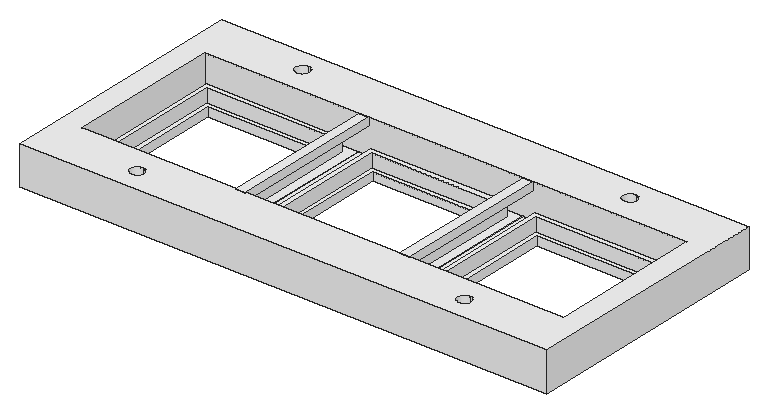
Revit family "Gira_021365", category Electrical Fixtures, host Face, Revit 2017
Family settings
  Host = Face
  Maintain Annotation Orientation = No
  Round Connector Dimension = Use Diameter
  Part Type = Normal
  Cut with Voids When Loaded = No
  Shared = No
  Room Calculation Point = No
Parameters (values of type "Cov.fr. 3-g Gira TX_44 (WP FM) c.alum.")
  With mounting grid = "No"
  With hinged lid = "No"
  URL = "http://katalog.gira.de/en/datenblatt.html?artikelnr=021365"
  Type of fastening = "Clamp mounting"
  Transparent = "No"
  Surface protection = "Lacquered"
  Suitable for wall duct = "No"
  Suitable for flush-mounted installation = "Yes"
  Suitable for floor box = "No"
  Suitable for built-in installation = "No"
  Number of units vertical = "3"
  Number of units horizontal = "3"
  Number of units = "3"
  Name = "Cov.fr. 3-g Gira TX_44 (WP FM) c.alum."
  Mounting direction = "Horizontal and vertical"
  Material quality = "Thermoplastic"
  Material = "Plastic"
  Manufacturer URL = "https://www.gira.de/"
  Manufacturer = "Gira"
  Label space/information surface = "No"
  Keynote = ""
  HeinzeBIM = "https://bimportal.heinze.de/bim/cov-fr-3-g-gira-tx-44-wp-fm-c-alum-/600ded14dd5e6ab96e8e87bacb038244e377c9d3"
  Halogen free = "No"
  HAN = "021365"
  GTIN = "4010337213659"
  Description = "Cov.fr.3g TX_44 CAl,Gira TX_44 cover frame,colour aluminium,3-gang,Features:,- Shatter-proof.,,Notes :,- Frames are easy to install without tools; disassembly requires a Torx screwdriver T9 or T10.,- Wall plug mounting is possible.,- Centre inserts safeguarded against disassembly."
  Degree of protection (IP) = "IP44"
  Default Elevation = 1219.2 mm
  Data sheet (1) = "https://katalog.gira.de/en/download.html?artikelnr=021365"
  Colour = "Aluminium"
  Category = "Cover frame for domestic switching devices"
  BIM (1) = "https://media.stage.bim.site/public/gira/36a6b08/TX44_Rahmen_3fach.rfa"
  Available = "No"
Reference planes
  plane 1 "Center (Front/Back)": y = 0
  plane 2: z = 0
  plane 3 "Center (Left/Right)": x = 0
  plane 4: x = -33.75
  plane 5: x = -37.75
  plane 6: x = 114.5
Forms (mm)
  Extrusion 1, solid, material "White", detail levels fine
    sketch origin (-71.591, 0, 0) x (0, -1, 0) y (1, 0, 0)
      loop
        line (-54.959, 186.091) -> (-54.959, -42.909) -> (54.959, -42.909) -> (54.959, 186.091) -> (-54.959, 186.091)
      loop
        line (-33.5, -33.5) -> (33.5, -33.5) -> (33.5, 176.683) -> (-33.5, 176.683) -> (-33.5, -33.5)
      loop
        circle (-45, -0.006) r 3
      loop
        circle (44.992, 0.001) r 3
      loop
        circle (-45, 142.594) r 3
      loop
        circle (44.992, 142.601) r 3
    from 0 to 16.9
  Extrusion 2, solid, material "White", detail levels fine
    sketch origin (-71.591, 0, 0) x (0, -1, 0) y (1, 0, 0)
      loop
        line (-25.5, 25.5) -> (-25.5, -25.5) -> (25.5, -25.5) -> (25.5, 25.5) -> (-25.5, 25.5)
      loop
        line (-33.5, 33.5) -> (-33.5, -33.5) -> (33.5, -33.5) -> (33.5, 33.5) -> (-33.5, 33.5)
    from -1.6 to 2
  Extrusion 3, solid, material "White", detail levels fine
    sketch origin (-71.591, 0, 0) x (0, -1, 0) y (1, 0, 0)
      loop
        line (-27.5, 27.5) -> (-27.5, -27.5) -> (27.5, -27.5) -> (27.5, 27.5) -> (-27.5, 27.5)
      loop
        line (-29.5, 29.5) -> (-29.5, -29.5) -> (29.5, -29.5) -> (29.5, 29.5) -> (-29.5, 29.5)
    from 2 to 7.8
  Extrusion 4, solid, material "White", detail levels coarse+medium
    sketch origin (-71.591, 0, 0) x (0, -1, 0) y (1, 0, 0)
      loop
        line (-54.959, 186.091) -> (-54.959, -42.909) -> (54.959, -42.909) -> (54.959, 186.091) -> (-54.959, 186.091)
    from -1.6 to 16.9
  Extrusion 5, solid, material "White", detail levels fine
    sketch origin (0.091, 0, 0) x (0, -1, 0) y (1, 0, 0)
      loop
        line (-25.5, 25.5) -> (-25.5, -25.5) -> (25.5, -25.5) -> (25.5, 25.5) -> (-25.5, 25.5)
      loop
        line (-33.5, 33.5) -> (-33.5, -33.5) -> (33.5, -33.5) -> (33.5, 33.5) -> (-33.5, 33.5)
    from -1.6 to 2
  Extrusion 6, solid, material "White", detail levels fine
    sketch origin (0.091, 0, 0) x (0, -1, 0) y (1, 0, 0)
      loop
        line (-27.5, 27.5) -> (-27.5, -27.5) -> (27.5, -27.5) -> (27.5, 27.5) -> (-27.5, 27.5)
      loop
        line (-29.5, 29.5) -> (-29.5, -29.5) -> (29.5, -29.5) -> (29.5, 29.5) -> (-29.5, 29.5)
    from 2 to 7.8
  Extrusion 7, solid, material "White", detail levels fine
    sketch origin (-71.591, 0, 0) x (0, -1, 0) y (1, 0, 0)
      loop
        line (-33.5, 38.183) -> (-33.5, 33.5) -> (33.5, 33.5) -> (33.5, 38.183) -> (-33.5, 38.183)
    from 0 to 2
  Extrusion 8, solid, material "White", detail levels fine
    sketch origin (-71.591, 0, 0) x (0, -1, 0) y (1, 0, 0)
      loop
        line (-33.5, 37.841) -> (-33.5, 33.841) -> (33.5, 33.841) -> (33.5, 37.841) -> (-33.5, 37.841)
    from 13.4 to 16.9
  Extrusion 9, solid, material "White", detail levels fine
    sketch origin (71.591, 0, 0) x (0, -1, 0) y (1, 0, 0)
      loop
        line (-25.5, 25.5) -> (-25.5, -25.5) -> (25.5, -25.5) -> (25.5, 25.5) -> (-25.5, 25.5)
      loop
        line (-33.5, 33.5) -> (-33.5, -33.5) -> (33.5, -33.5) -> (33.5, 33.5) -> (-33.5, 33.5)
    from -1.6 to 2
  Extrusion 10, solid, material "White", detail levels fine
    sketch origin (71.591, 0, 0) x (0, -1, 0) y (1, 0, 0)
      loop
        line (-27.5, 27.5) -> (-27.5, -27.5) -> (27.5, -27.5) -> (27.5, 27.5) -> (-27.5, 27.5)
      loop
        line (-29.5, 29.5) -> (-29.5, -29.5) -> (29.5, -29.5) -> (29.5, 29.5) -> (-29.5, 29.5)
    from 2 to 7.8
  Extrusion 11, solid, material "White", detail levels fine
    sketch origin (-0.091, 0, 0) x (0, -1, 0) y (1, 0, 0)
      loop
        line (-33.5, 38.183) -> (-33.5, 33.683) -> (33.5, 33.683) -> (33.5, 38.183) -> (-33.5, 38.183)
    from 0 to 2
  Extrusion 12, solid, material "White", detail levels fine
    sketch origin (-0.091, 0, 0) x (0, -1, 0) y (1, 0, 0)
      loop
        line (-33.5, 37.841) -> (-33.5, 33.841) -> (33.5, 33.841) -> (33.5, 37.841) -> (-33.5, 37.841)
    from 13.4 to 16.9
Dimensions and locks
  aligned and locked: plane 2 to host face
  aligned and locked: level to host face
